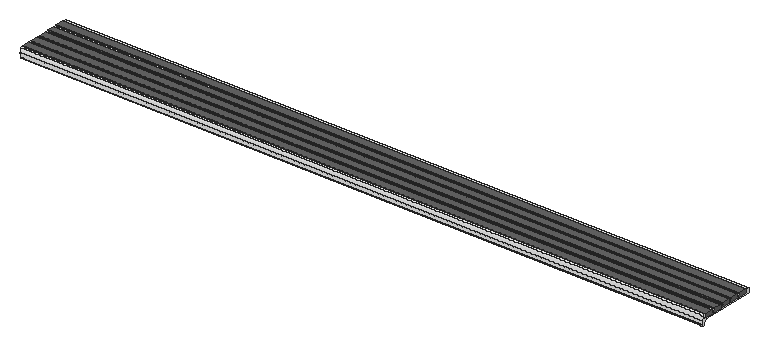
Revit family "Stair_Tread-Wooster-Supergrit_Safety_Treads-131", category Specialty Equipment, host Face, Revit 2017
Family settings
  Host = Face
  Round Connector Dimension = Use Diameter
  Part Type = Normal
  OmniClass Number = 23.30.70.21.11.11.11
  OmniClass Title = Stair Nosings
  Cut with Voids When Loaded = No
  Shared = No
  Room Calculation Point = No
Parameters (values of type "131")
  Width [instance] = 0' - 3"  # constant formula
  Version = "2017 - v2.0a"  # constant formula
  URL = "http://www.wooster-products.com/"
  Support Phone = "(224) 699-9545"  # constant formula
  Support Email = "mailto:support@anguleris.com"
  Safety Tread [instance] = Filler - Wooster - Black - Abrasive Filler
  Product Page URL = "http://www.woosterproducts.com/products/extruded-aluminum/supergrit/"
  Product Name = "Supergrit Nosings / Warning Strips"  # constant formula
  Product Documentation Link = "http://www.woosterproducts.com/spec/131.pdf"
  Model = "131"
  Material = ""
  Manufacturer Phone Number = "1-800-321-4936 or 330-264-2844"  # constant formula
  Manufacturer Fax Number = "330-262-4151"  # constant formula
  Manufacturer Email = "mailto:tim@wooster-products.com"
  Manufacturer Address = "1000 Spruce Street, P.O. BOX 6005, Wooster, OH. 44691"  # constant formula
  Manufacturer = "Wooster Productions Inc"  # constant formula
  Length Constraint [instance] = if(Length > 12' 0", 12' 0", Length)  # 3' - 0"
  Length [instance] = 3' - 0"
  Description = "Anti-Slip Stair Nosing"  # constant formula
  Depth = 0' - 0 1/4"  # constant formula
  Default Elevation = 0' - 0"  # constant formula
  Copyright = "Wooster Products Inc. 2019"  # constant formula
  Construction Type = "Existing Construction"  # constant formula
Values of the unnamed type that differ from the named types
  Support Email = ""
  Product Page URL = "http://www.wooster-products.com/Supergrit_Safety_Treads.html"
  Product Documentation Link = "http://wooster-products.com/pub/Specs/131.pdf"
  Manufacturer Email = ""
Reference planes (in)
  plane 1 "Center (Front/Back)": y = 0
  plane 2: z = 0
  plane 3 "Center (Left/Right)": x = 0
  plane 4 "Left": x = -18
  plane 5 "Right": x = 18
  plane 6 "Back": y = 1.5
  plane 7 "Front": y = -1.5
  plane 8 "Bottom": z = -0.23438
  plane 9: z = 0.01562
Forms (in)
  Sweep 1, void
    path origin (0, 24.10512, 0.01562) x (0, 1, 0) y (-1, 0, 0)
      loop
        line (-22.60512, 18) -> (-22.60512, -18)
    profile "Void : Void" origin (0, 1.5, 0.01562) x (0, 1, 0) y (0, 0, 1)
      loop
        line (-2.9749, 0) -> (-2.9749, -0.49778) -> (-2.91207, -0.49778) -> (-2.86896, -0.29736)
        arc (-2.86896, -0.29736) -> (-2.84217, -0.26225) -> (-2.79969, -0.25) r 0.07001
        line (-2.79969, -0.25) -> (0, -0.25) -> (0, 0) -> (-2.9749, 0)
  Sweep 2, solid, material "Metal - Wooster - Extruded Aluminum"
    path origin (0, 24.10512, 0.01562) x (0, 1, 0) y (-1, 0, 0)
      loop
        line (-22.60512, -18) -> (-22.60512, 18)
    profile "Aluminum Base : Aluminum Base" origin (0, 1.5, 0.01562) x (0, -1, 0) y (0, 0, 1)
      loop
        line (0, 0) -> (0, -0.25) -> (2.79969, -0.25)
        arc (2.79969, -0.25) -> (2.84217, -0.26225) -> (2.86896, -0.29736) r 0.07001
        line (2.86896, -0.29736) -> (2.90502, -0.46503)
        arc (2.90502, -0.46503) -> (2.94201, -0.49778) -> (2.9749, -0.46091) r 0.035
        line (2.9749, -0.46091) -> (2.9749, -0.24758)
        arc (2.9749, -0.24758) -> (2.96009, -0.14191) -> (2.92753, -0.0403) r 0.62498
        arc (2.92753, -0.0403) -> (2.88053, 0.00103) -> (2.82131, -0.0192) r 0.0624
        line (2.82131, -0.0192) -> (2.84808, -0.1824) -> (2.36108, -0.1824) -> (2.39121, 0.00217) -> (2.2662, 0.00217) -> (2.29632, -0.1824) -> (1.80932, -0.1824) -> (1.83945, 0.00217) -> (1.71444, 0.00217) -> (1.74457, -0.1824) -> (1.25757, -0.1824) -> (1.28769, 0.00217) -> (1.16269, 0.00217) -> (1.19282, -0.1824) -> (0.70582, -0.1824) -> (0.73594, 0.00217) -> (0.61257, 0.00217) -> (0.6427, -0.1824) -> (0.15569, -0.1824) -> (0.18547, 0) -> (0, 0)
  Sweep 3, solid, material "Filler - Wooster - Black - Abrasive Filler" <- "Safety Tread"
    path origin (0, 24.10512, 0.01562) x (0, 1, 0) y (-1, 0, 0)
      loop
        line (-22.60512, 18) -> (-22.60512, -18)
    profile "Abrasive Filler : Abrasive Filler" origin (0, 1.5, 0.01562) x (0, 1, 0) y (0, 0, 1)
      loop
        line (-0.6427, -0.1824) -> (-0.15569, -0.1824) -> (-0.18943, 0.02429) -> (-0.60896, 0.02429) -> (-0.6427, -0.1824)
      loop
        line (-1.19282, -0.1824) -> (-0.70582, -0.1824) -> (-0.73955, 0.02429) -> (-1.15908, 0.02429) -> (-1.19282, -0.1824)
      loop
        line (-1.74457, -0.1824) -> (-1.25757, -0.1824) -> (-1.29131, 0.02429) -> (-1.71083, 0.02429) -> (-1.74457, -0.1824)
      loop
        line (-2.29632, -0.1824) -> (-1.80932, -0.1824) -> (-1.84306, 0.02429) -> (-2.26259, 0.02429) -> (-2.29632, -0.1824)
      loop
        line (-2.81418, 0.02429) -> (-2.84808, -0.1824) -> (-2.36108, -0.1824) -> (-2.39483, 0.02429) -> (-2.81418, 0.02429)
Lines and regions (in)
  Masking region 1
    outline origin (0, 0, 0) x (1, 0, 0) y (0, 1, 0)
      loop
        line (-18, 1.5) -> (-18, -1.5) -> (18, -1.5) -> (18, 1.5) -> (-18, 1.5)
Dimensions and locks (in)
  equal spacing: plane 4 "Left", plane 3 "Center (Left/Right)", plane 5 "Right"
  "Length Constraint": plane 4 "Left" to plane 5 "Right"
  equal spacing: plane 7 "Front", plane 1 "Center (Front/Back)", plane 6 "Back"
  "Width": plane 7 "Front" to plane 6 "Back"
  "Depth": plane 9 to plane 8 "Bottom"
  locked: plane 2 to plane 8 "Bottom" at 0.23438
  aligned and locked: plane 2 to host face
  aligned and locked: level to host face
  aligned and locked: plane 4 "Left" to Sweep 1 sketch curve
  aligned and locked: plane 5 "Right" to Sweep 1 sketch curve
  aligned and locked: Sweep 1 sketch curve to plane 6 "Back"
  aligned and locked: plane 4 "Left" to Sweep 2 sketch curve
  aligned and locked: plane 5 "Right" to Sweep 2 sketch curve
  aligned and locked: plane 6 "Back" to Sweep 2 sketch curve
  aligned and locked: plane 4 "Left" to Sweep 3 sketch curve
  aligned and locked: plane 5 "Right" to Sweep 3 sketch curve
  aligned and locked: Sweep 3 sketch curve to plane 6 "Back"
  aligned and locked: plane 4 "Left" to Masking region 1 sketch curve
  aligned and locked: Masking region 1 sketch curve to plane 6 "Back"
  aligned and locked: Masking region 1 sketch curve to plane 7 "Front"
  aligned and locked: plane 5 "Right" to Masking region 1 sketch curve
Automatic sketch dimensions
  host sketch curve to host sketch curve = 8' - 0"
  host sketch curve to host sketch curve = 4' - 0"
